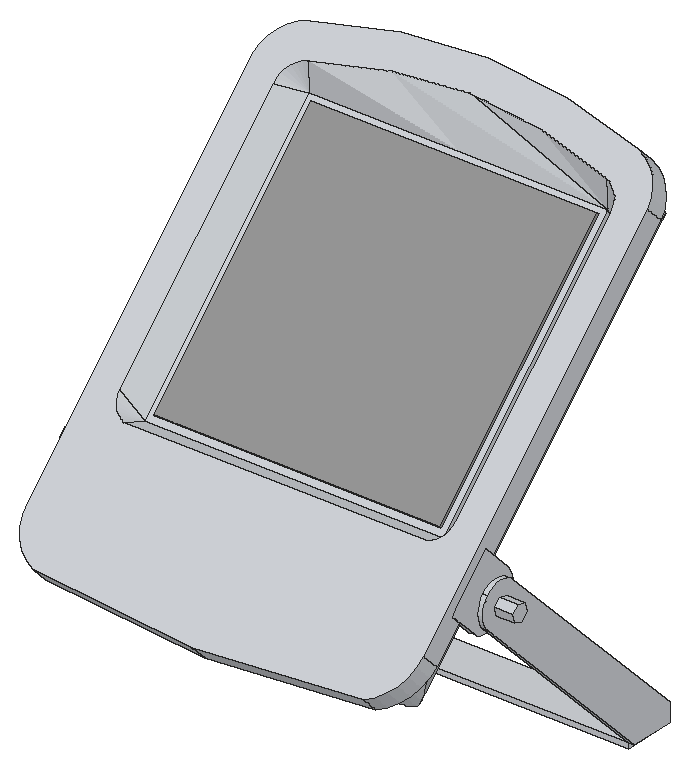
Revit family "0056719", category Generic Models, host Face, Revit 2018
Family settings
  Host = Face
  Can host rebar = No
  Round Connector Dimension = Use Diameter
  Part Type = Normal
  OmniClass Number = 23.80.70.00
  OmniClass Title = Lighting
  Cut with Voids When Loaded = No
  Shared = No
  Room Calculation Point = No
Parameters (values of type "Type Name")
  total width = 403 mm
  Width = 40 mm
  URL = "http://www.sylvania-lighting.com"
  Type Image = <None>
  Type Comments = "n/a"
  Material_3_SYL = none
  Model = ""
  Manufacturer = "Feilo Sylvania"
  Length = 368 mm
  Keynote = ""
  Material_2_SYL = none
  Description = ""
  Default Elevation = 1219.2 mm
  Cost = 0
  Material_1_SYL = none
  Assembly Code = ""
  Material_4_SYL = none
Reference planes
  plane 1 "Center (Front/Back)": y = 0
  plane 2: z = 0
  plane 3 "Center (Left/Right)": x = 0
  plane 4: y = 20
  plane 5: y = -20
  plane 6: x = -184
  plane 7: x = 184
  plane 8: y = 46
  plane 9: z = 200
  plane 10: through (0, -20, 4) normal (0, 0.7071, 0.7071)
  plane 11: through (0, 28.284, 12.284) normal (0, 0.7071, 0.7071)
  plane 12: through (0, -176, 200) normal (0, -0.7071, 0.7071)
  plane 13: z = 180
  plane 14: through (0, 7.834, 4.45) normal (0, 0.7071, 0.7071)
  plane 15: through (0, -140.356, 207.359) normal (0, -0.7071, 0.7071)
  plane 16: x = 201.5
  plane 17: x = -201.5
Forms (mm)
  Extrusion 1, solid
    sketch origin (0, 0, 0) x (1, 0, 0) y (0, 1, 0)
      loop
        line (-180, 20) -> (-180, -20) -> (180, -20) -> (180, 20) -> (-180, 20)
    from 0 to 4
  Extrusion 2, solid
    sketch origin (319, 1524, 1219.2) x (0, 1, 0) y (0, 0, 1)
      loop
        arc (-1677.574, -1025.058) -> (-1691.716, -1019.2) -> (-1705.858, -1025.058) r 20
        arc (-1705.858, -1025.058) -> (-1711.716, -1039.2) -> (-1705.858, -1053.342) r 20
        line (-1705.858, -1053.342) -> (-1544, -1215.2) -> (-1504, -1215.2) -> (-1504, -1198.631) -> (-1677.574, -1025.058)
    from -135 to -139
  Extrusion 3, solid
    sketch origin (9.982, 1524, 1219.2) x (0, 1, 0) y (0, 0, 1)
      loop
        arc (-1677.574, -1025.058) -> (-1691.716, -1019.2) -> (-1705.858, -1025.058) r 20
        arc (-1705.858, -1025.058) -> (-1711.716, -1039.2) -> (-1705.858, -1053.342) r 20
        line (-1705.858, -1053.342) -> (-1544, -1215.2) -> (-1504, -1215.2) -> (-1504, -1198.631) -> (-1677.574, -1025.058)
    from -193.982 to -189.982
  Extrusion 4, solid
    sketch origin (286.5, 1524, 1219.2) x (0, 1, 0) y (0, 0, 1)
      loop
        line (-1686.059, -1033.543) -> (-1693.786, -1031.473) -> (-1699.443, -1037.129) -> (-1697.373, -1044.857) -> (-1689.645, -1046.927) -> (-1683.988, -1041.271) -> (-1686.059, -1033.543)
    from -102.5 to -85
  Extrusion 5, solid
    sketch origin (-37.5, 1524, 1219.2) x (0, 1, 0) y (0, 0, 1)
      loop
        line (-1686.059, -1033.543) -> (-1693.786, -1031.473) -> (-1699.443, -1037.129) -> (-1697.373, -1044.857) -> (-1689.645, -1046.927) -> (-1683.988, -1041.271) -> (-1686.059, -1033.543)
    from -146.5 to -164
  Revolve 6, solid
    sketch origin (1531.325, -167.698, 1219.224) x (1, 0, 0) y (0, 0, 1)
      loop
        line (-1351.346, -1019.2) -> (-1353.082, -1019.2) -> (-1353.082, -1039.2) -> (-1351.346, -1039.2) -> (-1351.346, -1019.2)
      axis (-1353.082, -1039.2) -> (-1351.346, -1039.2)
    angle from 45.24 to 175.74
  Extrusion 7, solid, detail levels coarse
    sketch origin (319, 1524, 1219.2) x (0, 1, 0) y (0, 0, 1)
      loop
        line (-1504, -1219.2) -> (-1504, -1019.2) -> (-1711.716, -1019.2) -> (-1711.716, -1219.2) -> (-1504, -1219.2)
    from -520.5 to -117.5
Dimensions and locks
  "Width": plane 4 to plane 5
  equal spacing: plane 4, plane 1 "Center (Front/Back)", plane 5
  "Length": plane 6 to plane 7
  equal spacing: plane 6, plane 3 "Center (Left/Right)", plane 7
  "total width": plane 17 to plane 16
  equal spacing: plane 17, plane 3 "Center (Left/Right)", plane 16
  aligned and locked: plane 2 to host face
  aligned and locked: level to host face
Automatic sketch dimensions
  host sketch curve to host sketch curve = 2438.4 mm  (x2)
  Extrusion 1 sketch curve to plane 5 = 0 mm
  plane 6 to Extrusion 1 sketch curve = 4 mm
  Extrusion 1 sketch curve to plane 7 = 4 mm
  Extrusion 1 sketch curve to plane 4 = 0 mm
  Extrusion 2 sketch curve to plane 12 = 0 mm
  Extrusion 2 sketch curve to plane 10 = 0 mm  (x2)
  Extrusion 2 sketch curve to plane 11 = 0 mm  (x2)
  Extrusion 2 sketch curve to plane 5 = 0 mm
  Extrusion 2 sketch curve to plane 4 = 0 mm
  Extrusion 2 sketch curve to plane 13 = 14.142 mm
  Extrusion 2 sketch curve to Extrusion 2 sketch curve = 0 mm
  Extrusion 2 sketch curve to plane 9 = 5.858 mm  (x2)
  plane 13 to Extrusion 2 sketch curve = 0 mm
  Extrusion 3 sketch curve to plane 12 = 0 mm
  Extrusion 3 sketch curve to plane 10 = 0 mm  (x2)
  Extrusion 3 sketch curve to plane 11 = 0 mm  (x2)
  Extrusion 3 sketch curve to plane 5 = 0 mm
  Extrusion 3 sketch curve to plane 4 = 0 mm
  Extrusion 3 sketch curve to plane 13 = 14.142 mm
  Extrusion 3 sketch curve to Extrusion 3 sketch curve = 0 mm
  Extrusion 3 sketch curve to plane 9 = 5.858 mm  (x2)
  plane 13 to Extrusion 3 sketch curve = 0 mm
  Extrusion 5 sketch curve to plane 15 = 0 mm  (x2)
  plane 13 to Extrusion 5 sketch curve = 2.071 mm
  Extrusion 5 sketch curve to plane 5 = 155.443 mm
  Extrusion 5 sketch curve to plane 13 = 5.657 mm
  plane 13 to Extrusion 5 sketch curve = 7.727 mm
  Extrusion 5 sketch curve to Extrusion 5 sketch curve = 5.657 mm
  Extrusion 5 sketch curve to plane 13 = 7.727 mm
  Extrusion 5 sketch curve to Extrusion 5 sketch curve = 7.727 mm
  plane 13 to Extrusion 5 sketch curve = 5.657 mm
  Extrusion 5 sketch curve to plane 13 = 2.071 mm
  Extrusion 5 sketch curve to Extrusion 5 sketch curve = 2.071 mm
  plane 13 to Revolve 6 sketch curve = 0.024 mm  (x2)
  plane 9 to Revolve 6 sketch curve = 0.024 mm
  Revolve 6 sketch curve to plane 7 = 5.757 mm
  Revolve 6 sketch curve to Revolve 6 sketch curve = 1.736 mm
  Revolve 6 sketch curve to Revolve 6 sketch curve = 3.409 mm
  plane 7 to Revolve 6 sketch curve = 27.652 mm
  Extrusion 7 sketch curve to level = 0 mm
  Extrusion 7 sketch curve to plane 9 = 0 mm
  Extrusion 7 sketch curve to plane 14 = 0 mm
  Extrusion 7 sketch curve to plane 4 = 0 mm
Nested families
  nested 1: "0056719  head" at (-1, -84.826, 262.203) x (1, 0, 0) z (0, -0.7041, 0.7101), type "0056719 KALANI IP66 42KLM 840 ASYM"
    with built-in parameter 1114216 (empty or 0)
Definition of nested family "0056719  head"
  Parameters (values of type "0056719 KALANI IP66 42KLM 840 ASYM")
    height = 97 mm
    Width = 360 mm
    Wattage Comments = "n/a"
    Wattage = 9.2903 W
    built-in parameter 1150110 = 1 (stored number, unit not read)
    URL = "0.95"
    Type Image = (empty or 0)
    Type Comments = "n/a"
    built-in parameter 1114217 = 1 (stored number, unit not read)
    Tilt Angle = 90.00°
    built-in parameter 1150109 = 1 (stored number, unit not read)
    built-in parameter 1150134 = 3
    built-in parameter 1150113 = 1 (stored number, unit not read)
    Photometric Web File = "0056719.IES"
    Material_3_SYL = none
    Model = "Kalani IP66 42KLM 840 ASYM"
    Manufacturer = ""
    built-in parameter 1150105 = 109.82 (stored number, unit not read)
    Lumens = 1380 lm
    built-in parameter 1150115 = 1 (stored number, unit not read)
    built-in parameter 1150137 = (empty or 0)
    built-in parameter 1150139 = (empty or 0)
    Length = 462 mm
    built-in parameter 1150112 = 1 (stored number, unit not read)
    built-in parameter 1150114 = 1 (stored number, unit not read)
    Lamp = "n/a"
    Keynote = "n/a"
    Material_2_SYL = none
    built-in parameter 1150132 = (empty or 0)
    built-in parameter 1150102 = (empty or 0)
    built-in parameter 1150107 = 3200 (stored number, unit not read)
    built-in parameter 1150138 = (empty or 0)
    built-in parameter 1150106 = 1.0982 (stored number, unit not read)
    built-in parameter 1150104 = 13.8 (stored number, unit not read)
    Dimming Lamp Color Temperature Shift = (empty or 0)
    Description = "Exterior LED Floodlight, comes complete with 1000mm flying lead and adjustable bracket, aluminium housing, clear glass diffuser, IP66, IK08, Class I, 4000K, CRI80, Non-dimmable, 43800lm, 297W, 147lm/W, Asymmetrical Wide beam, 100.000hrs L70B50 lifespan, 531 x 403 x 97mm (LxWxD) dimensions, 7kg weight, RAL9017 Traffic Black color."
    Default Elevation = 1219.2 mm
    Cost = 0
    Color Filter = 16777215
    built-in parameter 1114216 [instance] = (empty or 0)
    Material_1_SYL = none
    built-in parameter 1114218 = 1 (stored number, unit not read)
    built-in parameter 1150133 = 10 (stored number, unit not read)
    Assembly Code = "D5020200"
    Apparent Load = 297 VA
    Material_4_SYL = none
  Reference planes
    plane 1 "Center (Front/Back)": y = 0
    plane 2: z = 0
    plane 3 "Center (Left/Right)": x = 0
    plane 4: x = -180
    plane 5: x = 180
    plane 6: y = 231
    plane 7: y = -231
    plane 8: z = 43
    plane 9: x = 175.638
    plane 10: x = -176
    plane 11: z = -54
    plane 12: y = 216
    plane 13: x = -161
    plane 14: x = -132.37
    plane 15: y = -216
    plane 16: y = 204
    plane 17: x = -149
    plane 18: y = 183
    plane 19: x = 149.285
    plane 20: x = 161.285
    plane 21: y = -204
    plane 22: x = 132.285
    plane 23: x = -132
    plane 24: y = -187
    plane 25: y = 166
    plane 26: y = 161
    plane 27: x = 127.285
    plane 28: x = -127
    plane 29: y = -182
    plane 30: z = 34
    plane 31: z = -23
    plane 32: z = 30
    plane 33: z = -12
    plane 34: z = 43
    plane 35: y = -101
    plane 36: y = -91
  Forms (mm)
    Extrusion 1, solid
      sketch origin (4.2, 0, 0) x (1, 0, 0) y (0, 1, 0)
        loop
          line (-1219.2, 1219.2) -> (-1219.2, -1219.2) -> (1219.2, -1219.2) -> (1219.2, 1219.2) -> (-1219.2, 1219.2)
      from 0 to -68.017
    Extrusion 2, solid, detail levels medium+fine
      sketch origin (0, 0, 0) x (1, 0, 0) y (0, 1, 0)
        loop
          arc (0.142, 231.115) -> (-73.749, 226.233) -> (-146, 210) r 478.167
          arc (-146, 210) -> (-166.631, 196.066) -> (-176, 173) r 42.746
          line (-176, 173) -> (-176, -178)
          arc (-176, -178) -> (-167.909, -203.973) -> (-146.5, -220.756) r 45.734
          arc (-146.5, -220.756) -> (-73.501, -229.462) -> (0, -231) r 752.121
          arc (0, -231) -> (73.466, -228.965) -> (146.5, -220.756) r 872.619
          arc (146.5, -220.756) -> (167.661, -203.274) -> (175.6, -177) r 47.446
          line (175.6, -177) -> (175.6, 173)
          arc (175.6, 173) -> (166.478, 196.244) -> (145.638, 210) r 41.353
          arc (145.638, 210) -> (73.591, 225.387) -> (0.142, 231.115) r 556.051
      from 43 to 23
    Extrusion 3, solid, detail levels medium+fine
      sketch origin (0, 0, 0) x (1, 0, 0) y (0, 1, 0)
        loop
          arc (0.142, -216) -> (67.047, -213.41) -> (133.548, -205.62) r 859.583
          arc (133.548, -205.62) -> (153.61, -194.289) -> (161.285, -172.564) r 32.83
          line (161.285, -172.564) -> (161.285, 155.629)
          arc (161.285, 155.629) -> (153.613, 180.158) -> (132.655, 195.035) r 40.221
          arc (132.655, 195.035) -> (67.108, 210.003) -> (0.142, 216.003) r 497.851
          arc (0.142, 216.003) -> (-66.824, 210.003) -> (-132.37, 195.035) r 497.851
          arc (-132.37, 195.035) -> (-153.328, 180.158) -> (-161, 155.629) r 40.221
          line (-161, 155.629) -> (-161, -172.564)
          arc (-161, -172.564) -> (-153.325, -194.289) -> (-133.263, -205.62) r 32.83
          arc (-133.263, -205.62) -> (-66.762, -213.41) -> (0.142, -216) r 859.583
      from -54 to 23
    Extrusion 4, void
      sketch origin (319, 1524, 1219.2) x (0, 1, 0) y (0, 0, 1)
        loop
          arc (-1308.645, -1196.2) -> (-1318.032, -1223.937) -> (-1343.192, -1238.918) r 42.268
          arc (-1343.192, -1238.918) -> (-1501.528, -1262.056) -> (-1661.169, -1273.037) r 2094.259
          line (-1661.169, -1273.037) -> (-1661.169, -1281.145) -> (-1301.922, -1281.145) -> (-1301.922, -1196.2) -> (-1308.645, -1196.2)
      from -495 to -112.715
    Extrusion 5, void
      sketch origin (319, 1524, 1219.2) x (0, 1, 0) y (0, 0, 1)
        loop
          arc (-1661.169, -1273.037) -> (-1716.017, -1250.457) -> (-1739.983, -1196.2) r 79.527
          line (-1739.983, -1196.2) -> (-1744.904, -1196.2) -> (-1744.904, -1278.095) -> (-1661.169, -1278.095) -> (-1661.169, -1273.037)
      from -511.539 to 2
    Extrusion 6, void
      sketch origin (0, 0, 0) x (1, 0, 0) y (0, 0, 1)
        loop
          arc (-140.406, -27.995) -> (-156.919, -5.008) -> (-161, 23) r 59.75
          line (-161, 23) -> (-165.355, 23) -> (-165.355, -58.837) -> (-65.355, -58.837) -> (-65.355, -53.837)
          arc (-65.355, -53.837) -> (-105.347, -48.077) -> (-140.406, -27.995) r 107.772
      from -224.025 to 311.946
    Extrusion 7, void
      sketch origin (0.285, 0, 0) x (-1, 0, 0) y (0, 0, -1)
        loop
          arc (-140.406, 27.995) -> (-105.347, 48.077) -> (-65.355, 53.837) r 107.772
          line (-65.355, 53.837) -> (-65.355, 58.837) -> (-165.355, 58.837) -> (-165.355, -23) -> (-161, -23)
          arc (-161, -23) -> (-156.919, 5.008) -> (-140.406, 27.995) r 59.75
      from -224.025 to 311.946
    Blend 8, void
      base sketch origin (0, 0, 0) x (1, 0, 0) y (0, 1, 0)
        loop
          arc (0.142, 204.004) -> (-66.812, 197.904) -> (-132.37, 183) r 507.01
          arc (-132.37, 183) -> (-144.819, 174.02) -> (-149, 159.25) r 23.343
          line (-149, 159.25) -> (-149, -80.75)
          arc (-149, -80.75) -> (-144.9, -93.295) -> (-134.184, -101) r 21.247
          line (-134.184, -101) -> (134.469, -101)
          arc (134.469, -101) -> (145.185, -93.295) -> (149.285, -80.75) r 21.247
          line (149.285, -80.75) -> (149.285, 159.25)
          arc (149.285, 159.25) -> (145.104, 174.02) -> (132.655, 183) r 23.343
          arc (132.655, 183) -> (67.097, 197.904) -> (0.142, 204.004) r 507.01
      top sketch origin (0, 0, 0) x (1, 0, 0) y (0, 1, 0)
        loop
          line (132.285, 166) -> (-132.715, 166) -> (-132.715, -91) -> (132.285, -91) -> (132.285, 166)
      from 43 to 23
    Extrusion 9, solid, detail levels fine
      sketch origin (0, 0, 0) x (1, 0, 0) y (0, 1, 0)
        loop
          line (-127, 161) -> (-127, -85.077) -> (127.285, -85.077) -> (127.285, 161) -> (-127, 161)
      from 23 to 25
    Extrusion 10, solid, detail levels medium+fine
      sketch origin (319, 1524, 1219.2) x (0, 1, 0) y (0, 0, 1)
        loop
          line (-1613.5, -1219.2) -> (-1613.5, -1185.2) -> (-1666.5, -1185.2) -> (-1666.5, -1219.2)
          arc (-1666.5, -1219.2) -> (-1657.963, -1236.13) -> (-1640, -1242.2) r 25
          arc (-1640, -1242.2) -> (-1622.037, -1236.13) -> (-1613.5, -1219.2) r 25
      from -143.362 to -147.362
    Extrusion 11, solid, detail levels medium+fine
      sketch origin (0, 0, 0) x (0, 1, 0) y (0, 0, 1)
        loop
          arc (-128, 0) -> (-124.485, -8.485) -> (-116, -12) r 12
          arc (-116, -12) -> (-107.515, -8.485) -> (-104, 0) r 12
          line (-104, 0) -> (-104, 34) -> (-128, 34) -> (-128, 0)
      from 149.285 to 171.638
    Extrusion 12, solid, detail levels medium+fine
      sketch origin (-319, 1524, 1219.2) x (0, 1, 0) y (0, 0, -1)
        loop
          arc (-1613.5, 1219.2) -> (-1622.037, 1236.13) -> (-1640, 1242.2) r 25
          arc (-1640, 1242.2) -> (-1657.963, 1236.13) -> (-1666.5, 1219.2) r 25
          line (-1666.5, 1219.2) -> (-1666.5, 1185.2) -> (-1613.5, 1185.2) -> (-1613.5, 1219.2)
      from -143 to -147
    Extrusion 13, solid, detail levels medium+fine
      sketch origin (0, 0, 0) x (0, 1, 0) y (0, 0, -1)
        loop
          line (-128, 0) -> (-128, -34) -> (-104, -34) -> (-104, 0)
          arc (-104, 0) -> (-107.515, 8.485) -> (-116, 12) r 12
          arc (-116, 12) -> (-124.485, 8.485) -> (-128, 0) r 12
      from 149.285 to 172
    Extrusion 14, solid, detail levels coarse
      sketch origin (0, 0, 0) x (1, 0, 0) y (0, 0, 1)
        loop
          line (-176, 43) -> (-176, -54) -> (175.638, -54) -> (175.638, 43) -> (-176, 43)
      from -231 to 231
  Cuts and joins
    Extrusion 4, Extrusion 5, Extrusion 6, Extrusion 7, Blend 8 cuts Extrusion 3
    Extrusion 6, Extrusion 7, Blend 8 cuts Extrusion 2
  Dimensions and locks
    "Width": plane 4 to plane 5
    equal spacing: plane 4, plane 3 "Center (Left/Right)", plane 5
    "Length": plane 6 to plane 7
    equal spacing: plane 6, plane 1 "Center (Front/Back)", plane 7
    "height": plane 11 to plane 34
    aligned and locked: plane 2 to Extrusion 1
    aligned and locked: level to Extrusion 1
  Automatic sketch dimensions
    Extrusion 1 sketch curve to Extrusion 1 sketch curve = 2438.4 mm  (x2)
    Extrusion 2 sketch curve to plane 10 = 0 mm
    Extrusion 2 sketch curve to plane 3 "Center (Left/Right)" = 0 mm
    Extrusion 2 sketch curve to plane 7 = 0 mm
    Extrusion 2 sketch curve to plane 14 = 1.058 mm
    plane 23 to Extrusion 2 sketch curve = 1.734 mm
    Extrusion 2 sketch curve to plane 3 "Center (Left/Right)" = 21.035 mm
    Extrusion 2 sketch curve to plane 3 "Center (Left/Right)" = 6.269 mm
    Extrusion 2 sketch curve to plane 3 "Center (Left/Right)" = 5.371 mm
    plane 3 "Center (Left/Right)" to Extrusion 2 sketch curve = 12.595 mm
    plane 27 to Extrusion 2 sketch curve = 0.869 mm
    plane 22 to Extrusion 2 sketch curve = 2.056 mm
    plane 9 to Extrusion 2 sketch curve = 0.038 mm
    Extrusion 2 sketch curve to plane 7 = 16.02 mm
    Extrusion 2 sketch curve to Extrusion 2 sketch curve = 77.879 mm
    plane 29 to Extrusion 2 sketch curve = 4 mm
    plane 24 to Extrusion 2 sketch curve = 10 mm
    plane 25 to Extrusion 2 sketch curve = 3.145 mm
    plane 25 to Extrusion 2 sketch curve = 4.22 mm
    plane 25 to Extrusion 2 sketch curve = 7 mm  (x2)
    plane 6 to Extrusion 2 sketch curve = 289.827 mm
    Extrusion 2 sketch curve to Extrusion 2 sketch curve = 120.701 mm
    Extrusion 2 sketch curve to Extrusion 2 sketch curve = 0 mm  (x2)
    Extrusion 3 sketch curve to plane 13 = 0 mm
    Extrusion 3 sketch curve to plane 14 = 0 mm  (x2)
    Extrusion 3 sketch curve to plane 20 = 0 mm
    Extrusion 3 sketch curve to plane 28 = 1.176 mm
    Extrusion 3 sketch curve to plane 26 = 4.483 mm  (x2)
    Extrusion 3 sketch curve to Extrusion 3 sketch curve = 11.582 mm
    Extrusion 3 sketch curve to plane 3 "Center (Left/Right)" = 10.702 mm
    Extrusion 3 sketch curve to plane 3 "Center (Left/Right)" = 0.083 mm
    plane 3 "Center (Left/Right)" to Extrusion 3 sketch curve = 0.368 mm
    plane 3 "Center (Left/Right)" to Extrusion 3 sketch curve = 10.987 mm
    Extrusion 3 sketch curve to plane 27 = 6.211 mm
    plane 27 to Extrusion 3 sketch curve = 1.176 mm
    Extrusion 3 sketch curve to plane 26 = 5.371 mm  (x2)
    plane 29 to Extrusion 3 sketch curve = 9.436 mm  (x2)
    plane 29 to Extrusion 3 sketch curve = 8.813 mm  (x2)
    Extrusion 3 sketch curve to Extrusion 3 sketch curve = 0 mm  (x3)
    plane 6 to Extrusion 3 sketch curve = 412.583 mm
    plane 12 to Extrusion 3 sketch curve = 0.003 mm
    plane 15 to Extrusion 3 sketch curve = 0 mm
    plane 21 to Extrusion 4 sketch curve = 3.04 mm
    plane 25 to Extrusion 4 sketch curve = 7.103 mm
    Extrusion 4 sketch curve to plane 12 = 0.645 mm
    plane 12 to Extrusion 4 sketch curve = 6.078 mm
    plane 11 to Extrusion 4 sketch curve = 7.945 mm
    Extrusion 4 sketch curve to plane 11 = 0.163 mm
    Extrusion 4 sketch curve to plane 32 = 8.159 mm
    Extrusion 4 sketch curve to plane 32 = 7 mm
    plane 8 to Extrusion 4 sketch curve = 1996.45 mm
    Extrusion 5 sketch curve to plane 15 = 4.904 mm
    plane 15 to Extrusion 5 sketch curve = 0.017 mm
    plane 11 to Extrusion 5 sketch curve = 4.895 mm
    Extrusion 5 sketch curve to plane 11 = 0.163 mm
    Extrusion 5 sketch curve to plane 32 = 7 mm
    Extrusion 6 sketch curve to plane 13 = 0 mm
    Extrusion 6 sketch curve to plane 13 = 4.355 mm
    Extrusion 6 sketch curve to plane 32 = 12.634 mm
    plane 28 to Extrusion 6 sketch curve = 25.484 mm
    plane 8 to Extrusion 6 sketch curve = 10.823 mm
    Extrusion 6 sketch curve to Extrusion 6 sketch curve = 31.257 mm
    Extrusion 6 sketch curve to plane 11 = 0.163 mm
    plane 28 to Extrusion 6 sketch curve = 61.645 mm
    plane 11 to Extrusion 6 sketch curve = 4.837 mm
    Extrusion 6 sketch curve to plane 32 = 7 mm
    Extrusion 7 sketch curve to plane 20 = 0 mm
    Extrusion 7 sketch curve to plane 20 = 4.355 mm
    plane 32 to Extrusion 7 sketch curve = 12.634 mm
    plane 27 to Extrusion 7 sketch curve = 25.484 mm
    Extrusion 7 sketch curve to plane 8 = 10.823 mm
    Extrusion 7 sketch curve to Extrusion 7 sketch curve = 31.257 mm
    plane 11 to Extrusion 7 sketch curve = 0.163 mm
    plane 27 to Extrusion 7 sketch curve = 61.645 mm
    Extrusion 7 sketch curve to plane 11 = 4.837 mm
    plane 32 to Extrusion 7 sketch curve = 7 mm
    Extrusion 9 sketch curve to plane 28 = 0 mm
    Extrusion 9 sketch curve to plane 27 = 0 mm
    plane 29 to Extrusion 9 sketch curve = 96.923 mm
    Extrusion 9 sketch curve to plane 26 = 0 mm
    Extrusion 10 sketch curve to plane 31 = 0 mm
    Extrusion 10 sketch curve to level = 0 mm  (x2)
    Extrusion 10 sketch curve to plane 30 = 0 mm
    Extrusion 11 sketch curve to Extrusion 11 sketch curve = 0 mm  (x2)
    Extrusion 11 sketch curve to level = 0 mm
    Extrusion 11 sketch curve to plane 30 = 0 mm
    Extrusion 12 sketch curve to plane 30 = 0 mm
    Extrusion 12 sketch curve to level = 0 mm  (x2)
    Extrusion 12 sketch curve to plane 31 = 0 mm
    Extrusion 13 sketch curve to Extrusion 13 sketch curve = 0 mm  (x2)
    Extrusion 13 sketch curve to level = 0 mm
    Extrusion 13 sketch curve to plane 30 = 0 mm
    plane 10 to Extrusion 14 sketch curve = 0 mm
    plane 9 to Extrusion 14 sketch curve = 0 mm
    Extrusion 14 sketch curve to plane 11 = 0 mm
    Extrusion 14 sketch curve to plane 8 = 0 mm
    plane 35 to Extrusion 10 sketch curve = 11.5 mm
    plane 35 to Extrusion 12 sketch curve = 11.5 mm
    level to Extrusion 10 sketch curve = 1.95 mm  (x2)
    Extrusion 10 sketch curve to Extrusion 10 sketch curve = 24.924 mm  (x2)
    Extrusion 11 sketch curve to plane 33 = 0 mm
    level to Extrusion 12 sketch curve = 1.95 mm  (x2)
    Extrusion 12 sketch curve to Extrusion 12 sketch curve = 24.924 mm  (x2)
    Extrusion 13 sketch curve to plane 33 = 0 mm
    Extrusion 4 sketch curve to plane 35 = 36.169 mm
    Extrusion 5 sketch curve to plane 35 = 36.169 mm
    Extrusion 5 sketch curve to plane 32 = 4.313 mm
    Extrusion 11 sketch curve to plane 35 = 27 mm
    Extrusion 13 sketch curve to plane 35 = 27 mm
    Blend 8 sketch curve to plane 17 = 0 mm
    Blend 8 sketch curve to plane 35 = 0 mm
    Blend 8 sketch curve to plane 14 = 0 mm  (x2)
    Blend 8 sketch curve to plane 18 = 0 mm  (x3)
    Blend 8 sketch curve to plane 19 = 0 mm
    Blend 8 sketch curve to plane 28 = 0.753 mm
    Blend 8 sketch curve to plane 26 = 0.369 mm  (x2)
    Blend 8 sketch curve to Blend 8 sketch curve = 6.673 mm
    Blend 8 sketch curve to plane 3 "Center (Left/Right)" = 12.274 mm
    plane 3 "Center (Left/Right)" to Blend 8 sketch curve = 12.559 mm
    Blend 8 sketch curve to Blend 8 sketch curve = 23.302 mm
    plane 27 to Blend 8 sketch curve = 0.753 mm
    Blend 8 sketch curve to Blend 8 sketch curve = 0 mm
    Blend 8 sketch curve to Blend 8 sketch curve = 20.25 mm  (x2)
    Blend 8 sketch curve to plane 25 = 0 mm
    Blend 8 sketch curve to plane 36 = 0 mm
    Blend 8 sketch curve to plane 22 = 0 mm
    Blend 8 sketch curve to plane 14 = 0.345 mm
  Connectors
    electrical at (0, 0, 0), driven by "Apparent Load"
      settings: index 1, voltage 230 V, apparent load 297 VA, apparent load phase1 0 VA, apparent load phase2 0 VA, apparent load phase3 0 VA, power factor 0, load classification none, number of poles 1, system type 30, power factor state 1, is connector primary yes, connector utility no, sub classification motor no, connector description ""
